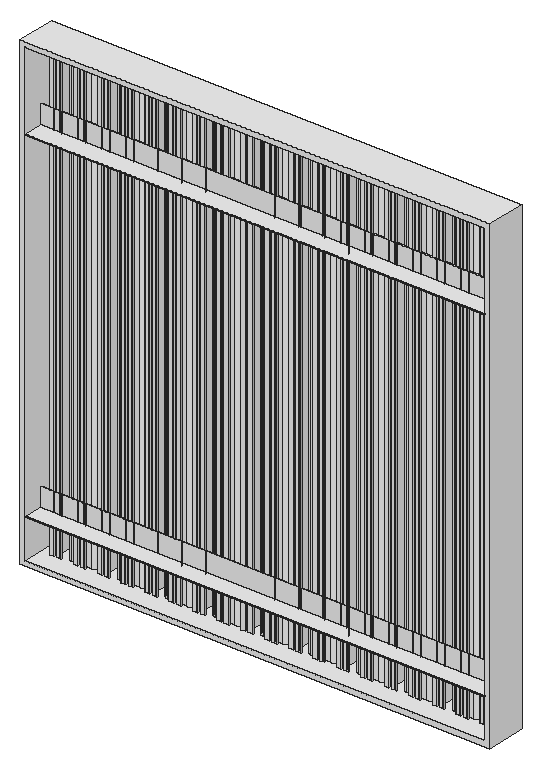
Revit family
Parameters (values of type "Louver_Screen_VT-250_All-Lite")
  URL = "http://www.alllite-louvers.com"
  Specifications = "http://www.alllite-louvers.com/catalog/AVT-250-csi-specification.doc"
  Spacing = 0.167 ft
  SmartBIM Object Version = 3  # constant formula
  SmartBIM Object Created By = "Reed Construction Data"  # constant formula
  Single Louver = 0.498 ft
  Shim Thickness = 0.042 ft
  Screen Width = Width - (2 * Shim Thickness)  # 3.916 ft
  Screen Height = Height - (2 * Shim Thickness) - 0.198333 ft  # 3.717667 ft
  Screen = Aluminum
  Rough Width = 0.0 ft
  Rough Height = 0.0 ft
  Product URL = "http://www.alllite-louvers.com/catalog.php?model=VT-250"
  Pressure Loss (in.wg.) = "N/A"  # constant formula
  OmniClass Title = "Exterior Louvers and Grilles"  # constant formula
  OmniClass Code = "23-60 11 17"  # constant formula
  Mullion Height = Height - (2 * Shim Thickness) - 0.145833 ft  # 3.770167 ft
  Model Number = "VT-250"  # constant formula
  Minimum Size = "12\" x 12\""
  Maximum Size - Single Section = "72\" x 144\" or 144\"x 72\""
  Maximum Size - Multiple Section = "Unlimited"
  Manufacturer = "All-Lite"  # constant formula
  Louver Width = Height - (2 * Shim Thickness)  # 3.916 ft
  Louver Depth = 1.725 ft
  Louver = Mill finish, 6063-T5 Extruded Aluminum
  Inner Width = Width - 0.083333 ft  # 3.916667 ft
  Height = 4.0 ft
  Free Area for 48”x48” Louver = "24.4%"
  Free Area Velocity (fpm) = "N/A"  # constant formula
  Free Area (ft²) for 48"x48" Louver = 3.9 ft
  Frame = Mill finish, 6063-T5 Extruded Aluminum
  Default Sill Height = 3.0 ft
  Wall Closure = (empty or 0)
  Width = 4.0 ft
  Cut Sheet = "http://www.alllite-louvers.com/catalog/AVT250.pdf"
  Assembly Code = "B2010300"
  Air Volume Delivered (cfm) = "N/A"  # constant formula
  95 CSI = "10200 "  # constant formula
  04 CSI = "08 91 00"  # constant formula
  # of Louvers = (Inner Width) / 0.407417 ft  # 10
  # of Profiles = # of Louvers - 1  # 9
Reference planes (ft)
  plane 1 "Center (Front/Back)": y = 0
  plane 2: z = 0.291667
  plane 3 "Center (Left/Right)": x = 0
  plane 4 "Left": x = -2
  plane 5 "Right": x = 2
  plane 6 "Sill": z = 3.291667
  plane 7 "Top": z = 7.291667
  plane 8: x = -1.958
  plane 9: x = 1.958
  plane 10: z = 7.249667
  plane 11: z = 3.333667
  plane 12: z = 5.292
  plane 13: y = 0.333333
  plane 14: x = -1.629296
  plane 15: x = 1.629296
Forms (ft)
  Sweep 1, solid, material "Mill finish, 6063-T5 Extruded Aluminum" <- "Frame"
    path origin (-5, 0.333333, 0.678127) x (-1, 0, 0) y (0, 0, 1)
      loop
        line (-6.958, 6.07154) -> (-3.042, 6.07154)
    profile "Vertical Mullion : Vertical Mullion" origin (0, 0.333333, 6.749667) x (0, 0, 1) y (0, 1, 0)
      loop
        line (-0.166667, -0.166667) -> (-0.166667, -0.333333) -> (-0.160156, -0.333333) -> (-0.160156, -0.173177) -> (0, -0.173177) -> (0, -0.166667) -> (-0.166667, -0.166667)
  Sweep 2, solid, material "Mill finish, 6063-T5 Extruded Aluminum" <- "Frame"
    path origin (-5, 0.333333, 0) x (-1, 0, 0) y (0, 0, 1)
      loop
        line (-3, 7.291667) -> (-7, 7.291667) -> (-7, 3.291667) -> (-3, 3.291667) -> (-3, 7.291667)
    profile origin (-2, 0.333333, 5.291667) x (0, 1, 0) y (-1, 0, 0)
      loop
        line (0, 0) -> (-0.333333, 0) -> (-0.333333, -0.042) -> (0, -0.042) -> (0, 0)
  Sweep 3, solid, material "Mill finish, 6063-T5 Extruded Aluminum" <- "Frame"
    path origin (-5, 0.333333, -1.48854) x (-1, 0, 0) y (0, 0, 1)
      loop
        line (-6.958, 5.322207) -> (-3.042, 5.322207)
    profile "Vertical Mullion : Vertical Mullion" origin (0, 0.333333, 3.833667) x (0, 0, 1) y (0, 1, 0)
      loop
        line (-0.166667, -0.166667) -> (-0.166667, -0.333333) -> (-0.160156, -0.333333) -> (-0.160156, -0.173177) -> (0, -0.173177) -> (0, -0.166667) -> (-0.166667, -0.166667)
Lines and regions (ft)
  Opening 1
    outline origin (-5, -0.333333, 0) x (1, 0, 0) y (0, 0, 1)
      loop
        line (3, 7.291667) -> (3, 3.291667) -> (7, 3.291667) -> (7, 7.291667) -> (3, 7.291667)
Text (ft)
  text "EXTERIOR" at (-4.890733, 4.242245, 0), in view "Ref. Level"
  text "INTERIOR" at (-4.890733, -3.147199, 0), in view "Ref. Level"
  text "Exterior" at (0, 3.638026, 10.266337), in view "Left"
  text "Exterior" at (0, 1.524487, 10.420622), in view "Right"
Dimensions and locks (ft)
  equal spacing: plane 4 "Left", plane 3 "Center (Left/Right)", plane 5 "Right"
  "Width": plane 4 "Left" to plane 5 "Right"
  "Height": plane 6 "Sill" to plane 7 "Top"
  "Default Sill Height": plane 2 to plane 6 "Sill"
  "Shim Thickness": plane 4 "Left" to plane 8
  "Shim Thickness": plane 9 to plane 5 "Right"
  "Shim Thickness": plane 10 to plane 7 "Top"
  "Shim Thickness": plane 6 "Sill" to plane 11
  plane 11 to plane 12 to plane 10 = 1.958333 ft, 1.957667 ft
  locked: Sweep 1 sketch curve to plane 10 at 0.5
  locked: plane 11 to Sweep 3 sketch curve at 0.5
  host wall to host wall = 9.0 ft
  equal spacing: group 1, group 3, group 4, group 5, group 6, group 7, group 8, group 9, group 10, group 2  (x3)
  locked: plane 8 to plane 14 at 0.328704
  locked: plane 15 to plane 9 at 0.328704
  equal spacing: group 11, group 13, group 14, group 15, group 16, group 17, group 18, group 19, group 12  (x3)
  aligned and locked: plane 7 "Top" to Opening 1 sketch curve
  aligned and locked: plane 6 "Sill" to Opening 1 sketch curve  (x2)
  aligned and locked: plane 5 "Right" to Opening 1 sketch curve
  aligned and locked: plane 4 "Left" to Opening 1 sketch curve
  aligned and locked: Sweep 2 sketch curve to plane 4 "Left"
  aligned and locked: Sweep 2 sketch curve to plane 7 "Top"
  aligned and locked: Sweep 2 sketch curve to plane 6 "Sill"
  aligned and locked: Sweep 2 sketch curve to plane 5 "Right"
  aligned and locked: Sweep 2 sketch curve to host wall  (x2)
  aligned and locked: plane 8 to Sweep 2 sketch curve
  aligned and locked: profile plane to host wall
  aligned and locked: plane 9 to Sweep 1 sketch curve
  aligned and locked: plane 8 to Sweep 1 sketch curve
  aligned and locked: plane 9 to Sweep 3 sketch curve
  aligned and locked: plane 8 to Sweep 3 sketch curve
  aligned and locked: Sweep 2 sketch curve to Sweep 3
  aligned and locked: nested 1 to Sweep 3
  aligned and locked: nested 1 to plane 8
  aligned and locked: plane 10 to nested 1
  aligned and locked: plane 10 to nested 2
  aligned and locked: nested 3 to plane 9
  aligned and locked: nested 3 to Sweep 3
  aligned and locked: nested 2 to Sweep 3
  aligned and locked: plane 14 to nested 2
  aligned and locked: nested 12 to plane 15
  aligned and locked: nested 12 to Sweep 3
  aligned and locked: plane 10 to nested 3
  aligned and locked: plane 10 to nested 12
Nested families (ft)
  nested 1: "Louver-1" at (-1.833, 0.166667, 3.333667), type "Louver"
    with Louver Height 3.916 ft
  nested 2: "Louver" at (-1.629296, 0.166667, 3.333667), type "Louver"
    with Louver Height 3.916 ft
  nested 3: "Louver-1" at (1.833, 0.166667, 3.333667), type "Louver"
    with Louver Height 3.916 ft
  nested 4: "Louver-1" at (-1.425667, 0.166667, 3.333667), type "Louver"
    with Louver Height 3.916 ft
  nested 5: "Louver-1" at (-1.018333, 0.166667, 3.333667), type "Louver"
    with Louver Height 3.916 ft
  nested 6: "Louver-1" at (-0.611, 0.166667, 3.333667), type "Louver"
    with Louver Height 3.916 ft
  nested 7: "Louver-1" at (-0.203667, 0.166667, 3.333667), type "Louver"
    with Louver Height 3.916 ft
  nested 8: "Louver-1" at (0.203667, 0.166667, 3.333667), type "Louver"
    with Louver Height 3.916 ft
  nested 9: "Louver-1" at (0.611, 0.166667, 3.333667), type "Louver"
    with Louver Height 3.916 ft
  nested 10: "Louver-1" at (1.018333, 0.166667, 3.333667), type "Louver"
    with Louver Height 3.916 ft
  nested 11: "Louver-1" at (1.425667, 0.166667, 3.333667), type "Louver"
    with Louver Height 3.916 ft
  nested 12: "Louver" at (1.629296, 0.166667, 3.333667), type "Louver"
    with Louver Height 3.916 ft
  nested 13: "Louver" at (-1.221972, 0.166667, 3.333667), type "Louver"
    with Louver Height 3.916 ft
  nested 14: "Louver" at (-0.814648, 0.166667, 3.333667), type "Louver"
    with Louver Height 3.916 ft
  nested 15: "Louver" at (-0.407324, 0.166667, 3.333667), type "Louver"
    with Louver Height 3.916 ft
  nested 16: "Louver" at (0, 0.166667, 3.333667), type "Louver"
    with Louver Height 3.916 ft
  nested 17: "Louver" at (0.407324, 0.166667, 3.333667), type "Louver"
    with Louver Height 3.916 ft
  nested 18: "Louver" at (0.814648, 0.166667, 3.333667), type "Louver"
    with Louver Height 3.916 ft
  nested 19: "Louver" at (1.221972, 0.166667, 3.333667), type "Louver"
    with Louver Height 3.916 ft
Definition of nested family "Louver-1"
  Parameters (values of type "Louver")
    q = 0.402344 ft
    Louver Height = 1.416667 ft
    Louver Array = yes
    Louver = none
    Assembly Code = ""
  Reference planes (ft)
    plane 1 "Center (Front/Back)": y = 0
    plane 2: z = 0
    plane 3 "Center (Left/Right)": x = 0
    plane 4: z = 1.416667
    plane 5: x = -0.125
    plane 6: x = 0.125
    plane 7: y = 0.166667
  Forms (ft)
    Extrusion 1, solid, material <- "Louver"
      sketch origin (0, 0, 0) x (1, 0, 0) y (0, 1, 0)
        loop
          arc (-0.005208, 0.037917) -> (-0.007185, 0.033144) -> (-0.011958, 0.031167) r 0.00675
          line (-0.011958, 0.031167) -> (-0.022125, 0.031167)
          arc (-0.022125, 0.031167) -> (-0.026898, 0.02919) -> (-0.028875, 0.024417) r 0.00675
          line (-0.028875, 0.024417) -> (-0.028875, 0.0135)
          arc (-0.028875, 0.0135) -> (-0.030852, 0.008727) -> (-0.035625, 0.00675) r 0.00675
          line (-0.035625, 0.00675) -> (-0.049342, 0.00675)
          arc (-0.049342, 0.00675) -> (-0.052717, 0.003375) -> (-0.049342, 0) r 0.003375
          line (-0.049342, 0) -> (-0.011042, 0) -> (-0.011042, 0.00675) -> (-0.022125, 0.00675) -> (-0.022125, 0.021)
          arc (-0.022125, 0.021) -> (-0.021124, 0.023416) -> (-0.018708, 0.024417) r 0.003417
          line (-0.018708, 0.024417) -> (0.018708, 0.024417)
          arc (0.018708, 0.024417) -> (0.021124, 0.023416) -> (0.022125, 0.021) r 0.003417
          line (0.022125, 0.021) -> (0.022125, 0.00675) -> (0.011042, 0.00675) -> (0.011042, 0) -> (0.049342, 0)
          arc (0.049342, 0) -> (0.052717, 0.003375) -> (0.049342, 0.00675) r 0.003375
          line (0.049342, 0.00675) -> (0.035625, 0.00675)
          arc (0.035625, 0.00675) -> (0.030852, 0.008727) -> (0.028875, 0.0135) r 0.00675
          line (0.028875, 0.0135) -> (0.028875, 0.024417)
          arc (0.028875, 0.024417) -> (0.026898, 0.02919) -> (0.022125, 0.031167) r 0.00675
          line (0.022125, 0.031167) -> (0.011958, 0.031167)
          arc (0.011958, 0.031167) -> (0.007185, 0.033144) -> (0.005208, 0.037917) r 0.00675
          line (0.005208, 0.037917) -> (0.005208, 0.1495)
          arc (0.005208, 0.1495) -> (0.008259, 0.156866) -> (0.015625, 0.159917) r 0.010417
          line (0.015625, 0.159917) -> (0.083333, 0.159917)
          arc (0.083333, 0.159917) -> (0.108023, 0.14969) -> (0.11825, 0.125) r 0.034917
          arc (0.11825, 0.125) -> (0.121625, 0.121625) -> (0.125, 0.125) r 0.003375
          arc (0.125, 0.125) -> (0.112796, 0.154463) -> (0.083333, 0.166667) r 0.041667
          line (0.083333, 0.166667) -> (-0.083333, 0.166667)
          arc (-0.083333, 0.166667) -> (-0.112796, 0.154463) -> (-0.125, 0.125) r 0.041667
          arc (-0.125, 0.125) -> (-0.121625, 0.121625) -> (-0.11825, 0.125) r 0.003375
          arc (-0.11825, 0.125) -> (-0.108023, 0.14969) -> (-0.083333, 0.159917) r 0.034917
          line (-0.083333, 0.159917) -> (-0.015625, 0.159917)
          arc (-0.015625, 0.159917) -> (-0.008259, 0.156866) -> (-0.005208, 0.1495) r 0.010417
          line (-0.005208, 0.1495) -> (-0.005208, 0.037917)
      from 0 to 1.416667
  Dimensions and locks (ft)
    "Louver Height": plane 4 to level
    aligned and locked: plane 4 to Extrusion 1
    aligned and locked: Extrusion 1 to level
  Automatic sketch dimensions
    Extrusion 1 sketch curve to Extrusion 1 sketch curve = 0.0 ft  (x7)
    Extrusion 1 sketch curve to plane 5 = 0.0 ft  (x2)
    Extrusion 1 sketch curve to plane 1 "Center (Front/Back)" = 0.0 ft  (x2)
    Extrusion 1 sketch curve to plane 6 = 0.0 ft  (x2)
    Extrusion 1 sketch curve to plane 5 = 0.003375 ft
    Extrusion 1 sketch curve to plane 5 = 0.041667 ft
    Extrusion 1 sketch curve to plane 1 "Center (Front/Back)" = 0.003375 ft
    Extrusion 1 sketch curve to plane 3 "Center (Left/Right)" = 0.049342 ft
    Extrusion 1 sketch curve to Extrusion 1 sketch curve = 0.013717 ft  (x2)
    Extrusion 1 sketch curve to Extrusion 1 sketch curve = 0.00675 ft  (x9)
    Extrusion 1 sketch curve to Extrusion 1 sketch curve = 0.003417 ft  (x3)
    Extrusion 1 sketch curve to plane 3 "Center (Left/Right)" = 0.015625 ft
    Extrusion 1 sketch curve to plane 3 "Center (Left/Right)" = 0.011958 ft
    Extrusion 1 sketch curve to plane 3 "Center (Left/Right)" = 0.011042 ft
    Extrusion 1 sketch curve to plane 3 "Center (Left/Right)" = 0.005208 ft
    plane 3 "Center (Left/Right)" to Extrusion 1 sketch curve = 0.005208 ft
    plane 3 "Center (Left/Right)" to Extrusion 1 sketch curve = 0.011042 ft
    Extrusion 1 sketch curve to Extrusion 1 sketch curve = 0.010417 ft
    Extrusion 1 sketch curve to Extrusion 1 sketch curve = 0.011083 ft
    Extrusion 1 sketch curve to plane 6 = 0.041667 ft
    Extrusion 1 sketch curve to plane 6 = 0.00675 ft
    Extrusion 1 sketch curve to Extrusion 1 sketch curve = 0.003375 ft
    Extrusion 1 sketch curve to Extrusion 1 sketch curve = 0.0075 ft
    Extrusion 1 sketch curve to Extrusion 1 sketch curve = 0.093833 ft
Definition of nested family "Louver"
  Parameters (values of type "Louver")
    q = 0.402344 ft
    Louver Height = 1.416667 ft
    Louver Array = yes
    Louver = none
    Assembly Code = ""
  Reference planes (ft)
    plane 1 "Center (Front/Back)": y = 0
    plane 2: z = 0
    plane 3 "Center (Left/Right)": x = 0
    plane 4: z = 1.416667
    plane 5: x = -0.125
    plane 6: x = 0.125
    plane 7: y = 0.166667
  Forms (ft)
    Extrusion 1, solid, material <- "Louver"
      sketch origin (0, 0, 0) x (1, 0, 0) y (0, 1, 0)
        loop
          arc (-0.083333, 0.031135) -> (-0.108023, 0.041362) -> (-0.11825, 0.066052) r 0.034917
          arc (-0.11825, 0.066052) -> (-0.121625, 0.069427) -> (-0.125, 0.066052) r 0.003375
          arc (-0.125, 0.066052) -> (-0.112796, 0.036589) -> (-0.083333, 0.024385) r 0.041667
          line (-0.083333, 0.024385) -> (-0.035625, 0.024385)
          arc (-0.035625, 0.024385) -> (-0.030852, 0.022408) -> (-0.028875, 0.017635) r 0.00675
          line (-0.028875, 0.017635) -> (-0.028875, 0.013469)
          arc (-0.028875, 0.013469) -> (-0.030852, 0.008696) -> (-0.035625, 0.006719) r 0.00675
          line (-0.035625, 0.006719) -> (-0.049342, 0.006719)
          arc (-0.049342, 0.006719) -> (-0.052717, 0.003344) -> (-0.049342, -0.000031) r 0.003375
          line (-0.049342, -0.000031) -> (-0.011042, -0.000031) -> (-0.011042, 0.006719) -> (-0.022125, 0.006719) -> (-0.022125, 0.020969)
          arc (-0.022125, 0.020969) -> (-0.021124, 0.023385) -> (-0.018708, 0.024385) r 0.003417
          line (-0.018708, 0.024385) -> (0.018708, 0.024385)
          arc (0.018708, 0.024385) -> (0.021124, 0.023385) -> (0.022125, 0.020969) r 0.003417
          line (0.022125, 0.020969) -> (0.022125, 0.006719) -> (0.011042, 0.006719) -> (0.011042, -0.000031) -> (0.049342, -0.000031)
          arc (0.049342, -0.000031) -> (0.052717, 0.003344) -> (0.049342, 0.006719) r 0.003375
          line (0.049342, 0.006719) -> (0.035625, 0.006719)
          arc (0.035625, 0.006719) -> (0.030852, 0.008696) -> (0.028875, 0.013469) r 0.00675
          line (0.028875, 0.013469) -> (0.028875, 0.017635)
          arc (0.028875, 0.017635) -> (0.030852, 0.022408) -> (0.035625, 0.024385) r 0.00675
          line (0.035625, 0.024385) -> (0.083333, 0.024385)
          arc (0.083333, 0.024385) -> (0.112796, 0.036589) -> (0.125, 0.066052) r 0.041667
          arc (0.125, 0.066052) -> (0.121625, 0.069427) -> (0.11825, 0.066052) r 0.003375
          arc (0.11825, 0.066052) -> (0.108023, 0.041362) -> (0.083333, 0.031135) r 0.034917
          line (0.083333, 0.031135) -> (-0.083333, 0.031135)
      from 0 to 1.416667
  Dimensions and locks (ft)
    "Louver Height": plane 4 to level
    aligned and locked: plane 4 to Extrusion 1
    aligned and locked: Extrusion 1 to level
  Automatic sketch dimensions
    Extrusion 1 sketch curve to Extrusion 1 sketch curve = 0.0 ft  (x8)
    Extrusion 1 sketch curve to plane 6 = 0.208333 ft
    Extrusion 1 sketch curve to plane 6 = 0.25 ft
    Extrusion 1 sketch curve to Extrusion 1 sketch curve = 0.003375 ft  (x2)
    Extrusion 1 sketch curve to plane 1 "Center (Front/Back)" = 0.003344 ft  (x2)
    Extrusion 1 sketch curve to plane 6 = 0.174342 ft
    Extrusion 1 sketch curve to Extrusion 1 sketch curve = 0.013717 ft  (x2)
    Extrusion 1 sketch curve to Extrusion 1 sketch curve = 0.00675 ft  (x3)
    Extrusion 1 sketch curve to Extrusion 1 sketch curve = 0.003417 ft  (x2)
    Extrusion 1 sketch curve to Extrusion 1 sketch curve = 0.011083 ft
    plane 1 "Center (Front/Back)" to Extrusion 1 sketch curve = 0.000031 ft  (x2)
    Extrusion 1 sketch curve to Extrusion 1 sketch curve = 0.022083 ft
    Extrusion 1 sketch curve to Extrusion 1 sketch curve = 0.007667 ft
    Extrusion 1 sketch curve to Extrusion 1 sketch curve = 0.033992 ft
    Extrusion 1 sketch curve to Extrusion 1 sketch curve = 0.034917 ft
    Extrusion 1 sketch curve to plane 1 "Center (Front/Back)" = 0.006719 ft  (x2)
    Extrusion 1 sketch curve to Extrusion 1 sketch curve = 0.004167 ft
    Extrusion 1 sketch curve to Extrusion 1 sketch curve = 0.003333 ft  (x2)
